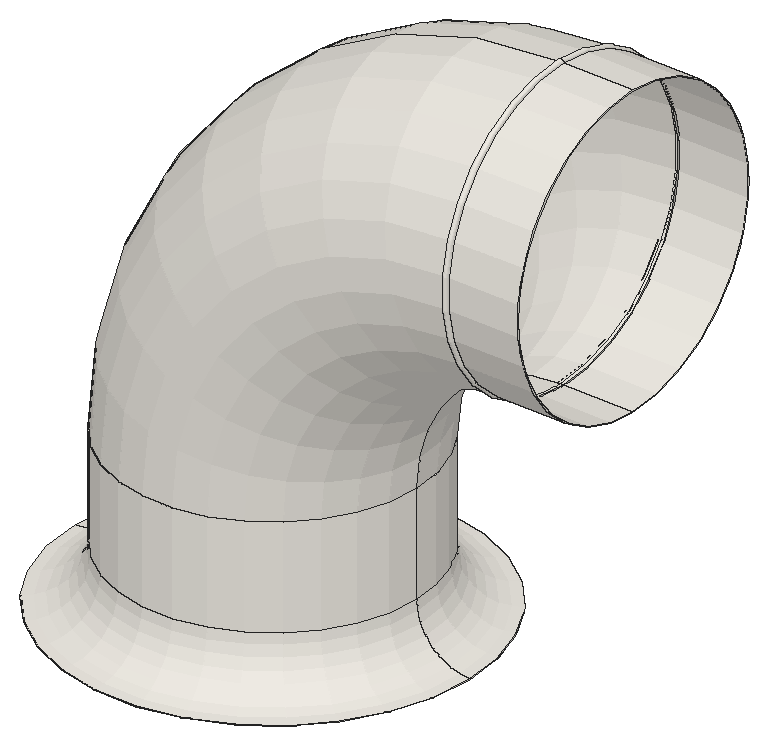
Revit family "Air Terminals_LDI_Formstück", category Air Terminals, Revit 2017
Family settings
  Round Connector Dimension = Use Diameter
  Part Type = Normal
  OmniClass Number = 23.40.40.14.21.11
  OmniClass Title = Food Service Hoods
  Work Plane-Based = No
  Always vertical = Yes
  Cut with Voids When Loaded = No
  Shared = No
  Room Calculation Point = No
Parameters (values of type "LDI/EI_DN 800")
  ∆p (Pa) = if(DN = 1, "31/61/119", if(DN = 2, "39/76/138", if(DN = 3, "37/71/143", if(DN = 4, "32/62/124", if(DN = 5, "27/53/104", "24/47/91")))))  # "24/47/91"
  Visible_DN = no
  Maß Ø D1 = if(DN = 1, 223 mm, if(DN = 2, 279 mm, if(DN = 3, 354 mm, if(DN = 4, 449 mm, 559 mm))))  # 559 mm
  Ymax (m) = if(DN = 1, "2.5/3.7/5.5", if(DN = 2, "3.5/5.2/7.3", if(DN = 3, "3.8/5.5/8.2", if(DN = 4, "3.9/5.7/8.4", if(DN = 5, "4.0/5.8/8.6", "4.2/6.1/8.9")))))  # "4.2/6.1/8.9"
  Vo (m3/h) = if(DN = 1, "410/580/810", if(DN = 2, "820/1150/1550", if(DN = 3, "1300/1800/2550", if(DN = 4, "1900/2650/3750", if(DN = 5, "2800/3900/5500", "4300/6000/8300")))))  # "4300/6000/8300"
  Visible = yes
  Mindestabstand (m) = if(DN = 1, "2.0/2.8/3.9", if(DN = 2, "2.9/4.1/5.5", if(DN = 3, "3.3/4.6/6.5", if(DN = 4, "3.6/5.0/7.1", if(DN = 5, "3.9/5.5/7.7", "4.4/6.1/8.4")))))  # "4.4/6.1/8.4"
  Min Flow = 0.0 L/s
  Maß Ø R mm = if(DN = 1, 330 mm, if(DN = 2, 415 mm, if(DN = 3, 535 mm, if(DN = 4, 660 mm, if(DN = 5, 830 mm, 1100 mm)))))  # 1100 mm
  Maß Ø A mm = if(DN = 1, 253 mm, if(DN = 2, 318 mm, if(DN = 3, 403 mm, if(DN = 4, 503 mm, if(DN = 5, 633 mm, 804 mm)))))  # 804 mm
  Maß H mm = if(DN = 1, 140 mm, if(DN = 2, 175 mm, if(DN = 3, 215 mm, if(DN = 4, 280 mm, if(DN = 5, 355 mm, 425 mm)))))  # 425 mm
  Max Flow = 0.0 L/s
  Material [instance] = "Aluminium"  # constant formula
  Masse (kg) SM_EI/ EA_TA/TB = if(L = 1, "2.4", if(L = 2, "3.6", if(L = 3, "6", if(L = 4, "8.5", if(L = 5, "12.2", if(L = 6, "24", if(L = 7, "3.8", if(L = 8, "5.1", if(L = 9, "6.9", if(L = 10, "9.8", if(L = 11, "14.8", if(L = 12, "27", if(L = 13, "3.8", if(L = 14, "5.1", if(L = 15, "6.6", if(L = 16, "9.5", if(L = 17, "14.5", "26")))))))))))))))))  # "27"
  Lwa (dB(A)) = if(DN = 1, "40/50/60", if(DN = 2, "40/50/60", if(DN = 3, "40/50/60", if(DN = 4, "40/50/60", if(DN = 5, "40/50/60", "40/50/60")))))  # "40/50/60"
  Leaf_b = if(DN = 1, 120 mm, if(DN = 2, 150 mm, if(DN = 3, 190 mm, if(DN = 4, 239 mm, if(DN = 5, 300 mm, 381 mm)))))  # 381 mm
  L = 12
  Einbauhöhe (m) = if(DN = 1, "3.0/3.0/3.0", if(DN = 2, "4.5/4.5/4.5", if(DN = 3, "6.0/6.0/6.0", if(DN = 4, "8.0/8.0/8.0", if(DN = 5, "10.0/10.0/10.0", "12.0/12.0/12.0")))))  # "12.0/12.0/12.0"
  DN = 6
  Color [instance] = RAL 9010
  Bauhöhe L (nur EI/EA_nur TA/TB) mm = if(L = 1, 0 mm, if(L = 2, 0 mm, if(L = 3, 0 mm, if(L = 4, 0 mm, if(L = 5, 0 mm, if(L = 6, 0 mm, if(L = 7, 285 mm, if(L = 8, 295 mm, if(L = 9, 300 mm, if(L = 10, 325 mm, if(L = 11, 345 mm, if(L = 12, 425 mm, if(L = 13, 270 mm, if(L = 14, 280 mm, if(L = 15, 290 mm, if(L = 16, 290 mm, if(L = 17, 355 mm, 425 mm)))))))))))))))))  # 425 mm
Types (19, lengths in mm): name | ∆p (Pa) | Visible_DN | Maß Ø D1 | Ymax (m) | Vo (m3/h) | Visible | Mindestabstand (m) | Maß Ø R mm | Maß Ø A mm | Maß H mm | Masse (kg) SM_EI/ EA_TA/TB | Leaf_b | L | Einbauhöhe (m) | DN | Bauhöhe L (nur EI/EA_nur TA/TB) mm
  (no name) | "24/47/91" | no | 559 | "4.2/6.1/8.9" | "4300/6000/8300" | yes | "4.4/6.1/8.4" | 1100 | 804 | 425 | "27" | 381 | 12 | "12.0/12.0/12.0" | 6 | 425
  LDI/SM_DN 250 | "31/61/119" | yes | 223 | "2.5/3.7/5.5" | "410/580/810" | no | "2.0/2.8/3.9" | 330 | 253 | 140 | "2.4" | 120 | 1 | "3.0/3.0/3.0" | 1 | 0
  LDI/SM_DN 315 | "39/76/138" | yes | 279 | "3.5/5.2/7.3" | "820/1150/1550" | no | "2.9/4.1/5.5" | 415 | 318 | 175 | "3.6" | 150 | 2 | "4.5/4.5/4.5" | 2 | 0
  LDI/SM_DN 400 | "37/71/143" | yes | 354 | "3.8/5.5/8.2" | "1300/1800/2550" | no | "3.3/4.6/6.5" | 535 | 403 | 215 | "6" | 190 | 3 | "6.0/6.0/6.0" | 3 | 0
  LDI/SM_DN 500 | "32/62/124" | yes | 449 | "3.9/5.7/8.4" | "1900/2650/3750" | no | "3.6/5.0/7.1" | 660 | 503 | 280 | "8.5" | 239 | 4 | "8.0/8.0/8.0" | 4 | 0
  LDI/SM_DN 630 | "27/53/104" | yes | 559 | "4.0/5.8/8.6" | "2800/3900/5500" | no | "3.9/5.5/7.7" | 830 | 633 | 355 | "12.2" | 300 | 5 | "10.0/10.0/10.0" | 5 | 0
  LDI/SM_DN 800 | "24/47/91" | no | 559 | "4.2/6.1/8.9" | "4300/6000/8300" | no | "4.4/6.1/8.4" | 1100 | 804 | 425 | "24" | 381 | 6 | "12.0/12.0/12.0" | 6 | 0
  LDI/EI_DN 250 | "31/61/119" | yes | 223 | "2.5/3.7/5.5" | "410/580/810" | yes | "2.0/2.8/3.9" | 330 | 253 | 140 | "3.8" | 120 | 7 | "3.0/3.0/3.0" | 1 | 285
  LDI/EI_DN 315 | "39/76/138" | yes | 279 | "3.5/5.2/7.3" | "820/1150/1550" | yes | "2.9/4.1/5.5" | 415 | 318 | 175 | "5.1" | 150 | 8 | "4.5/4.5/4.5" | 2 | 295
  LDI/EI_DN 400 | "37/71/143" | yes | 354 | "3.8/5.5/8.2" | "1300/1800/2550" | yes | "3.3/4.6/6.5" | 535 | 403 | 215 | "6.9" | 190 | 9 | "6.0/6.0/6.0" | 3 | 300
  LDI/EI_DN 500 | "32/62/124" | yes | 449 | "3.9/5.7/8.4" | "1900/2650/3750" | yes | "3.6/5.0/7.1" | 660 | 503 | 280 | "9.8" | 239 | 10 | "8.0/8.0/8.0" | 4 | 325
  LDI/EI_DN 630 | "27/53/104" | yes | 559 | "4.0/5.8/8.6" | "2800/3900/5500" | yes | "3.9/5.5/7.7" | 830 | 633 | 355 | "14.8" | 300 | 11 | "10.0/10.0/10.0" | 5 | 345
  LDI/EI_DN 800 | "24/47/91" | no | 559 | "4.2/6.1/8.9" | "4300/6000/8300" | yes | "4.4/6.1/8.4" | 1100 | 804 | 425 | "27" | 381 | 12 | "12.0/12.0/12.0" | 6 | 425
  LDI/TA_DN 250 | "31/61/119" | yes | 223 | "2.5/3.7/5.5" | "410/580/810" | yes | "2.0/2.8/3.9" | 330 | 253 | 140 | "3.8" | 120 | 13 | "3.0/3.0/3.0" | 1 | 270
  LDI/TA_DN 315 | "39/76/138" | yes | 279 | "3.5/5.2/7.3" | "820/1150/1550" | yes | "2.9/4.1/5.5" | 415 | 318 | 175 | "5.1" | 150 | 14 | "4.5/4.5/4.5" | 2 | 280
  LDI/TA_DN 400 | "37/71/143" | yes | 354 | "3.8/5.5/8.2" | "1300/1800/2550" | yes | "3.3/4.6/6.5" | 535 | 403 | 215 | "6.6" | 190 | 15 | "6.0/6.0/6.0" | 3 | 290
  LDI/TA_DN 500 | "32/62/124" | yes | 449 | "3.9/5.7/8.4" | "1900/2650/3750" | yes | "3.6/5.0/7.1" | 660 | 503 | 280 | "9.5" | 239 | 16 | "8.0/8.0/8.0" | 4 | 290
  LDI/TA_DN 630 | "27/53/104" | yes | 559 | "4.0/5.8/8.6" | "2800/3900/5500" | yes | "3.9/5.5/7.7" | 830 | 633 | 355 | "14.5" | 300 | 17 | "10.0/10.0/10.0" | 5 | 355
  LDI/TA_DN 800 | "24/47/91" | no | 559 | "4.2/6.1/8.9" | "4300/6000/8300" | yes | "4.4/6.1/8.4" | 1100 | 804 | 425 | "26" | 381 | 18 | "12.0/12.0/12.0" | 6 | 425
Reference planes
  plane 1 "Center (Front/Back)": y = 0
  plane 2: z = 0
  plane 3 "Center (Left/Right)": x = 0
  plane 4: z = 425
Forms (mm)
  Extrusion 1, solid, material "RAL 9010", visible <- "Visible"
    sketch origin (0, 0, 0) x (1, 0, 0) y (0, 1, 0)
      loop
        circle (0, 0) r 30
    from 80 to 425
  Extrusion 2, solid, material "RAL 9010", visible <- "Visible", detail levels coarse+medium
    sketch origin (0, 0, 0) x (1, 0, 0) y (0, 1, 0)
      loop
        circle (0, 0) r 35
    from 80 to 425
  Extrusion 3, solid, material "RAL 9010", detail levels coarse+medium
    sketch origin (0, 0, 0) x (1, 0, 0) y (0, 1, 0)
      loop
        circle (0, 0) r 402
    from 10 to 11
  Extrusion 4, solid, material "RAL 9010", detail levels coarse+medium
    sketch origin (0, 0, -190) x (1, 0, 0) y (0, 1, 0)
      loop
        circle (0, 0) r 35
    from 190 to 270
Dimensions and locks
  "Bauhöhe L (nur EI/EA_nur TA/TB) mm": plane 4 to level
  "Maß Ø A mm": diameter of Extrusion 3 sketch curve
  aligned and locked: plane 4 to Extrusion 1
  aligned and locked: plane 4 to Extrusion 2
  aligned and locked: Extrusion 1 to nested 2
  aligned and locked: Extrusion 4 to nested 2
Automatic sketch dimensions
  plane 1 "Center (Front/Back)" to Extrusion 1 sketch curve = 0 mm
  Extrusion 1 sketch curve to plane 3 "Center (Left/Right)" = 0 mm
  plane 1 "Center (Front/Back)" to Extrusion 2 sketch curve = 0 mm
  Extrusion 2 sketch curve to plane 3 "Center (Left/Right)" = 0 mm
  plane 1 "Center (Front/Back)" to Extrusion 4 sketch curve = 0 mm
  Extrusion 4 sketch curve to plane 3 "Center (Left/Right)" = 0 mm
  plane 1 "Center (Front/Back)" to Extrusion 3 sketch curve = 0 mm
  Extrusion 3 sketch curve to plane 3 "Center (Left/Right)" = 0 mm
  radius of Extrusion 1 sketch curve = 30 mm
  radius of Extrusion 2 sketch curve = 35 mm
  radius of Extrusion 4 sketch curve = 35 mm
Nested families
  nested 1: "LDI_No K" at (0, 0, 0), type "LDI_No K"
  nested 2: "Fan" at (0, 0, 0), type "Fan", detail levels fine
    with Maß Ø A mm 804 mm, Leaf_b 381 mm
  nested 3: "Formstück" at (0, 0, 0), type "Formstück_DN 250"
    with Material "Aluminium", Color RAL 9010, Th_Ø A 802 mm, Maß Ø A mm 804 mm, Maß l2 201 mm, Maß l1 402 mm, Maß H mm 425 mm, DN 6
Connectors
  hvac at (1005, 0, 1229), driven by "Maß Ø A mm"
    settings: on nested 3, index 1, duct flow 0.0 L/s, flow factor 0, pres drop 0.0 Pa, loss coef 0, conn angle 0.00°, conn width 304.8 mm, conn height 304.8 mm, conn diameter 804 mm, duct sys type 1, conn prof type 0, flow config 1, flow direction 1, loss method 0, conn ref index -1, conn util no, is conn primary yes, conn desc ""
Definition of nested family "LDI_No K"
  Parameters (values of type "LDI_No K")
    Maß Ø R mm = 1100 mm
    Maß Ø A mm = 804 mm
    Maß H mm = 425 mm
  Reference planes
    plane 1 "Center (Front/Back)": y = 0
    plane 2: z = 0
    plane 3 "Center (Left/Right)": x = 0
  Forms (mm)
    Sweep 1, solid
      path origin (0, 0, 0) x (1, 0, 0) y (0, 1, 0)
        loop
          circle (0, 0) r 550
      profile "P_No K : P_No K" origin (0, 550, 0) x (0, -1, 0) y (0, 0, 1)
        loop
          line (148, 425) -> (148, 148)
          arc (148, 148) -> (104.652, 43.348) -> (0, 0) r 148
          line (0, 0) -> (0, -1)
          arc (0, -1) -> (105.359, 42.641) -> (149, 148) r 149
          line (149, 148) -> (149, 425) -> (148, 425)
  Dimensions and locks
    "Maß Ø R mm": diameter of Sweep 1 sketch curve
    aligned and locked: level to plane 2
  Automatic sketch dimensions
    plane 1 "Center (Front/Back)" to Sweep 1 sketch curve = 0 mm
    Sweep 1 sketch curve to plane 3 "Center (Left/Right)" = 0 mm
Definition of nested family "Fan"
  Parameters (values of type "Fan")
    Maß Ø A mm = 253 mm
    Leaf_b = 120 mm
  Reference planes
    plane 1 "Center (Front/Back)": y = 0
    plane 2: z = 0
    plane 3 "Center (Left/Right)": x = 0
  Forms (mm)
    Extrusion 1, solid
      sketch origin (0, 0, 0) x (1, 0, 0) y (0, 1, 0)
        loop
          circle (0, 0) r 35
      from 0 to 80
    Sweep 2, void
      path in 3D
        loop
          arc (35, 0, 0) -> (0, 35, 0) -> (-35, 0, 0) r 35
          arc (-35, 0, 0) -> (0, -35, 0) -> (35, 0, 0) r 35
      profile origin (0, -35, 0) x (0, -1, 0) y (0, 0, -1)
        loop
          line (0, 0) -> (-25, 0)
          arc (-25, 0) -> (-8.992, -5.615) -> (0, -20) r 25.625
          line (0, -20) -> (0, 0)
  Cuts and joins
    Sweep 2 cuts Extrusion 1
  Lines and regions (mm)
    sketch lines
      curve 1: arc (-35, 0, 0) -> (0, -35, 0) -> (35, 0, 0) r 35
      curve 2: arc (35, 0, 0) -> (0, 35, 0) -> (-35, 0, 0) r 35
  Dimensions and locks
    aligned and locked: level to plane 2
  Nested families
    nested 1: "Leaf" at (0, 0, 30), type "Leaf"
    nested 2: "Leaf" at (0, 0, 30) x (0.5, 0.866, 0) z (0, 0, 1), type "Leaf"
    nested 3: "Leaf" at (0, 0, 30) x (-0.5, 0.866, 0) z (0, 0, 1), type "Leaf"
    nested 4: "Leaf" at (0, 0, 30) x (-1, 0, 0) z (0, 0, 1), type "Leaf"
    nested 5: "Leaf" at (0, 0, 30) x (-0.5, -0.866, 0) z (0, 0, 1), type "Leaf"
    nested 6: "Leaf" at (0, 0, 30) x (0.5, -0.866, 0) z (0, 0, 1), type "Leaf"
  Definition of nested family "Leaf"
    Parameters (values of type "Leaf")
      RA2 = Maß Ø A mm - 10 mm  # 243 mm
      RA1 = 30 mm
      RA = Maß Ø A mm / 2  # 126.5 mm
      Maß Ø A mm = 253 mm
      Leaf_b = 120 mm
    Reference planes
      plane 1 "Center (Front/Back)": y = 0
      plane 2: z = 0
      plane 3 "Center (Left/Right)": x = 0
      plane 4: x = 30
      plane 5: x = 121.5
      plane 6: x = 126.5
    Forms (mm)
      SweptBlend 1, solid
        path origin (0, 0, 0) x (1, 0, 0) y (0, 1, 0)
          loop
            line (30, 0) -> (121.5, 0)
        profile "P_leaf_a : P_leaf_a" origin (30, 0, 0) x (0, 1, 0) y (0, 0, 1)
          loop
            line (12.99, -7.5) -> (13.49, -6.634) -> (-12.49, 8.366) -> (-12.99, 7.5) -> (12.99, -7.5)
        end profile "P_leaf_b : P_leaf_b" origin (121.5, 0, 0) x (0, 1, 0) y (0, 0, 1)
          loop
            line (51.962, -30) -> (52.462, -29.134) -> (-51.462, 30.866) -> (-51.962, 30) -> (51.962, -30)
      Extrusion 2, void
        sketch origin (0, 0, 0) x (1, 0, 0) y (0, 1, 0)
          loop
            circle (0, 0) r 121.5
          loop
            circle (0, 0) r 447
        from -122.755 to 138.973
    Cuts and joins
      Extrusion 2 cuts SweptBlend 1
    Dimensions and locks
      "RA1": plane 3 "Center (Left/Right)" to plane 4
      "RA": plane 3 "Center (Left/Right)" to plane 6
      locked: plane 5 to plane 6 at 5
      "RA2": diameter of Extrusion 2 sketch curve
      aligned and locked: level to plane 2
      aligned and locked: plane 1 "Center (Front/Back)" to SweptBlend 1 sketch curve
    Automatic sketch dimensions
      SweptBlend 1 sketch curve to plane 4 = 0 mm
      SweptBlend 1 sketch curve to plane 5 = 0 mm
      Extrusion 2 sketch curve to Extrusion 2 sketch curve = 0 mm  (x2)
      plane 1 "Center (Front/Back)" to Extrusion 2 sketch curve = 0 mm
      Extrusion 2 sketch curve to plane 3 "Center (Left/Right)" = 0 mm
      radius of Extrusion 2 sketch curve = 447 mm
Definition of nested family "Formstück"
  Parameters (values of type "Formstück_DN 800")
    Th_Ø A = Maß Ø A mm - 2 mm  # 802 mm
    Min Flow = 0.0 L/s
    Maß Ø A mm = if(DN = 1, 253 mm, if(DN = 2, 318 mm, if(DN = 3, 403 mm, if(DN = 4, 503 mm, if(DN = 5, 633 mm, 804 mm)))))  # 804 mm
    Maß l2 = Maß l1 / 2  # 201 mm
    Maß l1 = Maß Ø A mm / 2  # 402 mm
    Maß H mm = if(DN = 1, 140 mm, if(DN = 2, 175 mm, if(DN = 3, 215 mm, if(DN = 4, 280 mm, if(DN = 5, 355 mm, 425 mm)))))  # 425 mm
    Max Flow = 0.0 L/s
    Material [instance] = "Aluminium"  # constant formula
    Gewicht (kg) = if(DN = 1, "3.5", if(DN = 2, "5.0", if(DN = 3, "8.5", if(DN = 4, "12.0", if(DN = 5, "16.0", "20.0")))))  # "20.0"
    DN = 6
    Color [instance] = none
  Types (7, lengths in mm): name | Th_Ø A | Maß Ø A mm | Maß l2 | Maß l1 | Maß H mm | Gewicht (kg) | DN
    (no name) | 802 | 804 | 201 | 402 | 425 | "20.0" | 6
    Formstück_DN 250 | 251 | 253 | 63.25 | 126.5 | 140 | "3.5" | 1
    Formstück_DN 315 | 316 | 318 | 79.5 | 159 | 175 | "5.0" | 2
    Formstück_DN 400 | 401 | 403 | 100.75 | 201.5 | 215 | "8.5" | 3
    Formstück_DN 500 | 501 | 503 | 125.75 | 251.5 | 280 | "12.0" | 4
    Formstück_DN 630 | 631 | 633 | 158.25 | 316.5 | 355 | "16.0" | 5
    Formstück_DN 800 | 802 | 804 | 201 | 402 | 425 | "20.0" | 6
  Reference planes
    plane 1 "Center (Front/Back)": y = 0
    plane 2: z = 0
    plane 3 "Center (Left/Right)": x = 0
    plane 4: z = 425
    plane 5: x = 402
    plane 6: x = -402
    plane 7: z = 827
    plane 8: z = 1631
    plane 9: z = 1229
    plane 10: x = 804
    plane 11: x = 1005
  Forms (mm)
    Sweep 1, solid
      path origin (0, 0, 0) x (1, 0, 0) y (0, 0, 1)
        loop
          line (1005, 1229) -> (804, 1229)
          arc (804, 1229) -> (235.486, 993.514) -> (0, 425) r 804
      profile origin (904.5, 0, 1229) x (0, 0, -1) y (0, -1, 0)
        loop
          circle (0, 0) r 402
        loop
          circle (0, 0) r 401
    Sweep 2, solid, detail levels fine
      path in 3D
        loop
          arc (1005, 0, 1631) -> (1005, 402, 1229) -> (1005, 0, 827) r 402
          arc (1005, 0, 827) -> (1005, -402, 1229) -> (1005, 0, 1631) r 402
      profile "P_L2 : P_L2" origin (1005, -402, 1229) x (0, -1, 0) y (1, 0, 0)
        loop
          line (0, -193.5) -> (0, -208.5)
          arc (0, -208.5) -> (7.5, -201) -> (0, -193.5) r 7.5
  Lines and regions (mm)
    sketch lines
      curve 1: arc (1005, 0, 827) -> (1005, -402, 1229) -> (1005, 0, 1631) r 402
      curve 2: arc (1005, 0, 1631) -> (1005, 402, 1229) -> (1005, 0, 827) r 402
  Dimensions and locks
    "Maß H mm": plane 4 to level
    equal spacing: plane 5, plane 3 "Center (Left/Right)", plane 6
    "Maß Ø A mm": plane 5 to plane 6
    equal spacing: plane 8, plane 9, plane 7
    "Maß Ø A mm": plane 8 to plane 7
    "Maß l1": plane 10 to plane 5
    "Maß l2": plane 11 to plane 10
    "Maß l1": plane 7 to plane 4
    "Th_Ø A": diameter of Sweep 1 sketch curve
    "Maß Ø A mm": diameter of Sweep 1 sketch curve
    aligned and locked: plane 9 to Sweep 1 sketch curve
  Automatic sketch dimensions
    Sweep 1 sketch curve to plane 3 "Center (Left/Right)" = 0 mm
    Sweep 1 sketch curve to plane 10 = 0 mm
    Sweep 1 sketch curve to plane 11 = 0 mm
    Sweep 1 sketch curve to Sweep 1 sketch curve = 0 mm  (x2)
    Sweep 1 sketch curve to plane 1 "Center (Front/Back)" = 0 mm
    Sweep 1 sketch curve to profile plane = 0 mm
  Connectors
    hvac at (1005, 0, 1229), driven by "Maß Ø A mm"
      settings: on Sweep 1, index 1, duct flow 0.0 L/s, flow factor 0, pres drop 0.0 Pa, loss coef 0, conn angle 0.00°, conn width 304.8 mm, conn height 304.8 mm, conn diameter 804 mm, duct sys type 1, conn prof type 0, flow config 1, flow direction 1, loss method 0, conn ref index -1, conn util no, is conn primary yes, conn desc ""
